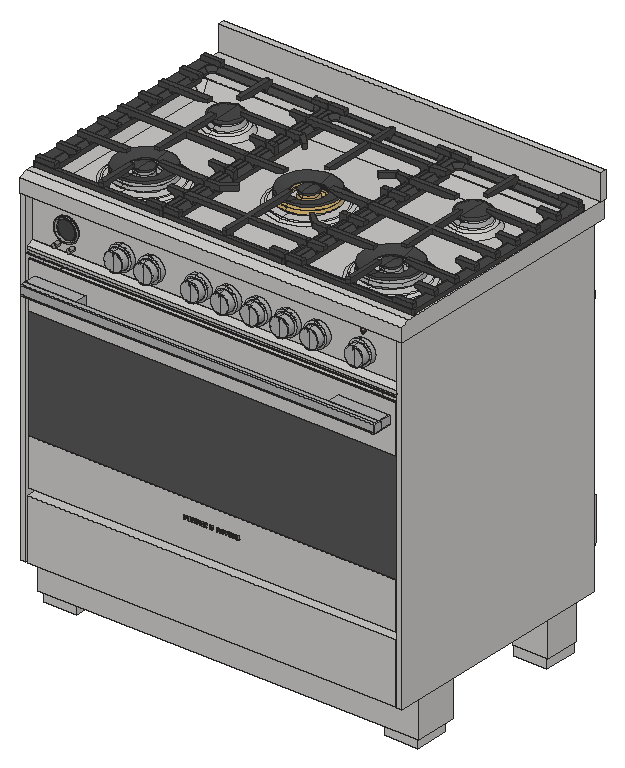
Revit family "FP_Revit_18_OR90SDG6X1_Range_90001043A", category Specialty Equipment, Revit 2018
Family settings
  Round Connector Dimension = Use Diameter
  Part Type = Normal
  OmniClass Number = 23.40.40.14.17.17
  OmniClass Title = Ranges
  Work Plane-Based = No
  Always vertical = Yes
  Cut with Voids When Loaded = Yes
  Shared = No
  Room Calculation Point = No
Parameters
  Visibility - Toe Kick Panel (Optional) = yes
  Visibility - Rear Trim (Supplied) = yes
  Visibility - Clearance Required = yes
  Visibility - Adjustable Feet Covers = yes
  URL = "www.fisherpaykel.com"
  Product - Width = 897 mm  # constant formula
  Product - Height = 915 mm  # constant formula
  Product - Depth = 641.2 mm  # constant formula
  Optional - Toe Kick Panel = "KICKOR90X1"
  Model = "OR90SDG6X1"
  Material - Trim = Fisher & Paykel - Steel, Chrome Plated
  Material - Handle = Fisher & Paykel - Aluminium
  Material - Door Front = Fisher & Paykel - Stainless Steel
  Material - Buttons and Dials = Fisher & Paykel - Aluminium
  Material - Burners & Trivets = Fisher & Paykel - Black, Matte
  Material - Body = Fisher & Paykel - Stainless Steel
  Manufacturer = "Fisher & Paykel Appliances"
  Keynote = ""
  Description = "90cm Contemporary Freestanding Dual Fuel Range (Stainless)"
  Countertop Height (min 908mm - max 933mm) = 915 mm
  Connector Description - Gas = "NG 1kPa, ULPG 2.75 kPa, Gas Connection to be Rp ½” (ISO 7-1) male"
  Connector Description - Electrical = "220-240 V, 50 Hz, 23 A"
  Clearance - Side Non-Combustible = 0 mm  # constant formula
  Clearance - Side Combustible = 200 mm  # constant formula
  Clearance - Rear Non-Combustible = 0 mm  # constant formula
  Clearance - Rear Combustible = 0 mm  # constant formula
  Clearance - Overhead Rangehood = 650 mm  # constant formula
  Clearance - Overhead Non-Combustible = 450 mm  # constant formula
  Clearance - Overhead Combustible = 650 mm  # constant formula
  Chassis - Width = 897 mm  # constant formula
  Chassis - Height = 813.6 mm  # constant formula
  Chassis - Depth = 593.5 mm  # constant formula
  Cavity - Width = 900 mm  # constant formula
  Cavity - Height = 915 mm  # constant formula
  Cavity - Depth = 600 mm  # constant formula
Reference planes
  plane 1 "Datum": y = 0
  plane 2: z = 0
  plane 3 "Center (Left/Right)": x = 0
  plane 4 "Product Height": z = 923
  plane 5 "Product LHS": x = -448.5
  plane 6 "Product RHS": x = 448.5
  plane 7 "Cavity LHS": x = -450
  plane 8 "Cavity RHS": x = 450
  plane 9 "Product Depth": y = 600
  plane 10 "Cavity Depth": y = 600
  plane 11 "Dials": z = 820.4
  plane 12 "Countertop Height": z = 915
  plane 13 "Top of Burners": z = 957
Forms (mm)
  Extrusion 1, solid, material "Fisher & Paykel - Stainless Steel" <- "Material - Body"
    sketch origin (0, 0, 0) x (0, 1, 0) y (0, 0, 1)
      loop
        line (50.7, 883) -> (50.7, 109.4) -> (565, 109.4) -> (565, 883) -> (50.7, 883)
    from -435.7 to 435.7
  Extrusion 2, solid, material "Fisher & Paykel - Stainless Steel" <- "Material - Body"
    sketch origin (0, 0, 0) x (0, 1, 0) y (0, 0, 1)
      loop
        line (19, 883) -> (19, 782.4) -> (50.7, 782.4) -> (50.7, 883) -> (19, 883)
    from -435.7 to 435.7
  Extrusion 3, solid, material "Fisher & Paykel - Stainless Steel" <- "Material - Body"
    sketch origin (0, 0, 0) x (0, 1, 0) y (0, 0, 1)
      loop
        line (31.59, 250.4) -> (1.5, 250.4) -> (1.5, 109.4) -> (31.59, 109.4) -> (31.59, 250.4)
    from -432 to 432
  Extrusion 4, solid, material "Fisher & Paykel - Clearance Required", visible <- "Visibility - Clearance Required", detail levels coarse
    sketch origin (0, 0, 0) x (0, 1, 0) y (0, 0, 1)
      loop
        line (0, 266.1) -> (0, 747.098)
        arc (0, 747.098) -> (-340.117, 606.217) -> (-480.998, 266.1) r 480.998
        line (-480.998, 266.1) -> (0, 266.1)
    from -435.7 to 435.7
  Extrusion 5, solid, material "Fisher & Paykel - Clearance Required", visible <- "Visibility - Clearance Required", detail levels coarse
    sketch origin (0, 0, 0) x (0, 1, 0) y (0, 0, 1)
      loop
        line (600, 0) -> (600, 923) -> (0, 923) -> (0, 0) -> (600, 0)
    from -450 to 450
  Extrusion 6, solid, material "Fisher & Paykel - Clearance Required (Combustible)", visible <- "Visibility - Clearance Required", detail levels coarse
    sketch origin (0, 0, 0) x (1, 0, 0) y (0, 1, 0)
      loop
        line (-450, 0) -> (-450, 600) -> (-650, 600) -> (-650, 0) -> (-450, 0)
      loop
        line (450, 0) -> (650, 0) -> (650, 600) -> (450, 600) -> (450, 0)
    from 923 to 1407
  Extrusion 7, solid, material "Fisher & Paykel - Clearance Required (Combustible)", visible <- "Visibility - Clearance Required", detail levels coarse
    sketch origin (0, 0, 0) x (1, 0, 0) y (0, 1, 0)
      loop
        line (-450, 0) -> (450, 0) -> (450, 600) -> (-450, 600) -> (-450, 0)
    from 1607 to 1407
  Extrusion 8, solid, material "Fisher & Paykel - Clearance Required (Non-Combustible)", visible <- "Visibility - Clearance Required", detail levels coarse
    sketch origin (0, 0, 0) x (1, 0, 0) y (0, 1, 0)
      loop
        line (450, 600) -> (-450, 600) -> (-450, 0) -> (450, 0) -> (450, 600)
    from 923 to 1407
  Extrusion 9, solid, material "Fisher & Paykel - Stainless Steel" <- "Material - Body"
    sketch origin (0, 0, 0) x (0, 1, 0) y (0, 0, 1)
      loop
        line (0, 883) -> (0, 109.4) -> (565, 109.4) -> (565, 883) -> (0, 883)
    from 435.7 to 447.5
  Extrusion 10, solid, material "Fisher & Paykel - Stainless Steel" <- "Material - Body"
    sketch origin (0, 0, 0) x (0, 1, 0) y (0, 0, 1)
      loop
        line (0, 883) -> (0, 109.4) -> (565, 109.4) -> (565, 883) -> (0, 883)
    from -447.504 to -435.7
  Extrusion 11, solid, material "Fisher & Paykel - Stainless Steel" <- "Material - Body"
    sketch origin (0, 0, 0) x (0, 1, 0) y (0, 0, 1)
      loop
        line (50.7, 782.4) -> (19, 782.4) -> (2, 774.4) -> (2, 767.4) -> (50.7, 767.4) -> (50.7, 782.4)
    from -435.7 to 435.7
  Extrusion 12, solid, material "Fisher & Paykel - Steel, Chrome Plated" <- "Material - Trim", detail levels fine
    sketch origin (0, 0, 0) x (0, 1, 0) y (0, 0, 1)
      loop
        line (1.349, 762.4) -> (1.349, 760.4) -> (50.7, 760.4) -> (50.7, 762.4) -> (1.349, 762.4)
    from -435.7 to 435.7
  Extrusion 13, solid, material "Fisher & Paykel - Stainless Steel" <- "Material - Body"
    sketch origin (0, 0, 0) x (0, 1, 0) y (0, 0, 1)
      loop
        line (-1.5, 914.915) -> (-1.5, 883) -> (593.5, 883) -> (593.5, 923) -> (18.511, 923) -> (-1.5, 914.915)
    from -448.5 to 448.5
  Extrusion 14, solid, material "Fisher & Paykel - Stainless Steel" <- "Material - Body", visible <- "Visibility - Adjustable Feet Covers"
    sketch origin (0, 0, 0) x (1, 0, 0) y (0, 1, 0)
      loop
        line (-360.4, 137.7) -> (-442.5, 137.7) -> (-442.5, 55.7) -> (-360.4, 55.7) -> (-360.4, 137.7)
      loop
        line (-360.4, 516.7) -> (-442.482, 516.7) -> (-442.482, 434.7) -> (-360.4, 434.7) -> (-360.4, 516.7)
      loop
        line (360.4, 137.7) -> (360.4, 55.7) -> (442.5, 55.7) -> (442.5, 137.7) -> (360.4, 137.7)
      loop
        line (360.4, 516.7) -> (360.4, 434.7) -> (442.482, 434.7) -> (442.482, 516.7) -> (360.4, 516.7)
    from 23.7 to 109.4
  Extrusion 15, solid, material "Fisher & Paykel - Stainless Steel" <- "Material - Body", visible <- "Visibility - Adjustable Feet Covers"
    sketch origin (0, 0, 0) x (1, 0, 0) y (0, 1, 0)
      loop
        line (-362.4, 514.7) -> (-440.5, 514.7) -> (-440.5, 436.7) -> (-362.4, 436.7) -> (-362.4, 514.7)
      loop
        line (-362.4, 135.7) -> (-440.5, 135.7) -> (-440.5, 57.7) -> (-362.4, 57.7) -> (-362.4, 135.7)
      loop
        line (362.4, 514.7) -> (362.4, 436.7) -> (440.5, 436.7) -> (440.5, 514.7) -> (362.4, 514.7)
      loop
        line (362.4, 135.7) -> (362.4, 57.7) -> (440.5, 57.7) -> (440.5, 135.7) -> (362.4, 135.7)
    from 0 to 23.7
  Extrusion 16, solid, material "Fisher & Paykel - Stainless Steel" <- "Material - Body", visible <- "Visibility - Toe Kick Panel (Optional)"
    sketch origin (0, 0, 0) x (1, 0, 0) y (0, 1, 0)
      loop
        line (-442.5, 151.534) -> (-447.504, 151.534) -> (-447.504, 50.7) -> (447.35, 50.7) -> (447.35, 151.534) -> (442.5, 151.534) -> (442.5, 55.7) -> (-442.5, 55.7) -> (-442.5, 151.534)
    from 23.7 to 109.4
  Extrusion 17, solid, material "Fisher & Paykel - Stainless Steel" <- "Material - Door Front"
    sketch origin (0, 0, 0) x (0, 1, 0) y (0, 0, 1)
      loop
        line (7.845, 745.371) -> (7.845, 273.1) -> (43.8, 273.1) -> (43.8, 741.592) -> (7.845, 745.371)
    from -365 to 365
  Extrusion 18, void
    sketch origin (0, 0, 0) x (1, 0, 0) y (0, 1, 0)
      loop
        arc (-402.8, 492.791) -> (-416.942, 486.933) -> (-422.8, 472.791) r 20
        line (-422.8, 472.791) -> (-422.8, 66.2)
        arc (-422.8, 66.2) -> (-415.478, 48.522) -> (-397.8, 41.2) r 25
        line (-397.8, 41.2) -> (397.8, 41.2)
        arc (397.8, 41.2) -> (415.478, 48.522) -> (422.8, 66.2) r 25
        line (422.8, 66.2) -> (422.8, 466.59)
        arc (422.8, 466.59) -> (415.126, 485.117) -> (396.6, 492.791) r 26.2
        line (396.6, 492.791) -> (-402.8, 492.791)
    from 883 to 923
  Extrusion 19, solid, material "Fisher & Paykel - Stainless Steel" <- "Material - Body", not visible
    sketch origin (0, 0, 0) x (0, 1, 0) y (0, 0, 1)
      loop
        line (584, 983) -> (584, 923) -> (598.5, 923) -> (598.5, 983) -> (584, 983)
    from -448.5 to 448.5
  Revolve 20, solid, material "Fisher & Paykel - Stainless Steel" <- "Material - Body", detail levels fine
    sketch origin (-290.104, 3.75, 0) x (0, 1, 0) y (0, 0, 1)
      loop
        line (163, 893) -> (163, 897) -> (84.905, 897)
        arc (84.905, 897) -> (83.174, 896.81) -> (81.524, 896.25) r 8
        line (81.524, 896.25) -> (74.554, 893) -> (163, 893)
      axis (163, 893) -> (163, 897)
    angle from 0 to 360
  Revolve 21, solid, material "Fisher & Paykel - Stainless Steel" <- "Material - Body", detail levels fine
    sketch origin (-290.104, -6.25, 0) x (0, 1, 0) y (0, 0, 1)
      loop
        line (414.1, 907.049) -> (372.389, 907.049)
        arc (372.389, 907.049) -> (368.674, 906.135) -> (365.808, 903.599) r 8
        line (365.808, 903.599) -> (358.481, 893) -> (414.1, 893) -> (414.1, 907.049)
      axis (414.1, 893) -> (414.1, 907.049)
    angle from 0 to 360
  Extrusion 22, void
    sketch origin (0, 0, 0) x (1, 0, 0) y (0, 0, 1)
      loop
        line (351.8, 237) -> (-428.7, 237) -> (-428.7, 109.4) -> (428.7, 109.4) -> (428.7, 883) -> (351.8, 883) -> (351.8, 237)
    from -609.888 to -519.5
  Extrusion 23, solid, material "Fisher & Paykel - Stainless Steel" <- "Material - Body", detail levels medium+fine
    sketch origin (0, 0, 0) x (1, 0, 0) y (0, 1, 0)
      loop
        circle (-370, 550.5) r 6
    from 137 to 237
  Extrusion 24, solid, material "Fisher & Paykel - Stainless Steel" <- "Material - Body"
    sketch origin (0, 0, 0) x (1, 0, 0) y (0, 0, 1)
      loop
        circle (-420.064, 912.06) r 4.009
      loop
        circle (-420.064, 912.06) r 7.491
      loop
        circle (420.064, 912.06) r 4.009
      loop
        circle (420.064, 912.06) r 7.491
    from -593.5 to -598.5
  Extrusion 25, solid, material "Fisher & Paykel - Stainless Steel" <- "Material - Body"
    sketch origin (0, 0, 0) x (1, 0, 0) y (0, 0, 1)
      loop
        line (-308.2, 367) -> (-428.7, 367) -> (-428.7, 237) -> (-308.2, 237) -> (-308.2, 367)
    from -587.5 to -565
  Extrusion 26, solid, material "Fisher & Paykel - Stainless Steel" <- "Material - Body"
    sketch origin (0, 0, 1000) x (1, 0, 0) y (0, 0, 1)
      loop
        line (227.779, -394.6) -> (-310.779, -394.6)
        arc (-310.779, -394.6) -> (-380.07, -440.899) -> (-363.812, -522.633) r 75
        line (-363.812, -522.633) -> (-237.954, -648.491)
        arc (-237.954, -648.491) -> (-220.111, -660.413) -> (-199.064, -664.6) r 55
        line (-199.064, -664.6) -> (116.064, -664.6)
        arc (116.064, -664.6) -> (137.111, -660.413) -> (154.954, -648.491) r 55
        line (154.954, -648.491) -> (280.812, -522.633)
        arc (280.812, -522.633) -> (297.07, -440.899) -> (227.779, -394.6) r 75
    from -578.5 to -565
  Revolve 27, solid, material "Fisher & Paykel - Stainless Steel" <- "Material - Body", detail levels fine
    sketch origin (290.104, 3.75, 0) x (0, 1, 0) y (0, 0, -1)
      loop
        line (163, -893) -> (74.554, -893) -> (81.524, -896.25)
        arc (81.524, -896.25) -> (83.174, -896.81) -> (84.905, -897) r 8
        line (84.905, -897) -> (163, -897) -> (163, -893)
      axis (163, -893) -> (163, -897)
    angle from 0 to 360
  Revolve 28, solid, material "Fisher & Paykel - Stainless Steel" <- "Material - Body", detail levels fine
    sketch origin (290.104, -6.25, 0) x (0, 1, 0) y (0, 0, -1)
      loop
        line (414.1, -907.049) -> (414.1, -893) -> (358.481, -893) -> (365.808, -903.599)
        arc (365.808, -903.599) -> (368.674, -906.135) -> (372.389, -907.049) r 8
        line (372.389, -907.049) -> (414.1, -907.049)
      axis (414.1, -893) -> (414.1, -907.049)
    angle from 0 to 360
  Revolve 29, solid, material "Fisher & Paykel - Stainless Steel" <- "Material - Body", detail levels fine
    sketch origin (0, 123.75, 0) x (0, 1, 0) y (0, 0, 1)
      loop
        line (163, 893) -> (163, 897) -> (84.905, 897)
        arc (84.905, 897) -> (83.174, 896.81) -> (81.524, 896.25) r 8
        line (81.524, 896.25) -> (74.554, 893) -> (163, 893)
      axis (163, 893) -> (163, 897)
    angle from 0 to 360
  Extrusion 30, solid, material "Fisher & Paykel - Stainless Steel" <- "Material - Body", detail levels medium+fine
    sketch origin (0, 0, 0) x (1, 0, 0) y (0, 0, 1)
      loop
        arc (159.044, 220.6) -> (155.509, 219.136) -> (154.044, 215.6) r 5
        line (154.044, 215.6) -> (154.044, 165.6)
        arc (154.044, 165.6) -> (155.509, 162.064) -> (159.044, 160.6) r 5
        line (159.044, 160.6) -> (208.84, 160.6)
        arc (208.84, 160.6) -> (212.375, 162.064) -> (213.84, 165.6) r 5
        line (213.84, 165.6) -> (213.84, 215.6)
        arc (213.84, 215.6) -> (212.375, 219.136) -> (208.84, 220.6) r 5
        line (208.84, 220.6) -> (159.044, 220.6)
    from -556.873 to -549.515
  Revolve 31, solid, material "Fisher & Paykel - Stainless Steel" <- "Material - Body", detail levels medium+fine
    sketch origin (0, 569.5, 0) x (1, 0, 0) y (0, 0, 1)
      loop
        line (145.68, 191.077) -> (245, 191.077) -> (245, 204.6) -> (232, 204.6) -> (232, 201.081) -> (222, 201.081) -> (222, 208.65) -> (210, 208.65) -> (210, 201.85) -> (157.68, 201.85) -> (157.68, 208.65) -> (145.68, 208.65) -> (145.68, 191.077)
      axis (145.68, 191.077) -> (245, 191.077)
    angle from 0 to 360
  Extrusion 32, solid, material "Fisher & Paykel - Stainless Steel" <- "Material - Body", detail levels medium+fine
    sketch origin (0, 0, 1000) x (1, 0, 0) y (0, 0, 1)
      loop
        circle (183.596, -809.4) r 26.954
    from -565.952 to -556.873
  Extrusion 33, solid, material "Fisher & Paykel - Stainless Steel" <- "Material - Body"
    sketch origin (0, 0, 0) x (1, 0, 0) y (0, 0, 1)
      loop
        circle (395, 716.093) r 34.119
    from -590 to -570.221
  Extrusion 34, solid, material "Fisher & Paykel - Stainless Steel" <- "Material - Body"
    sketch origin (0, 0, 0) x (1, 0, 0) y (0, 0, 1)
      loop
        circle (395, 716.093) r 10
    from -598 to -590
  Revolve 35, solid, material "Fisher & Paykel - Stainless Steel" <- "Material - Body", detail levels medium+fine
    sketch origin (0, 569.346, 0) x (1, 0, 0) y (0, 0, 1)
      loop
        line (395, 758.6) -> (395, 673.6) -> (413.153, 673.6) -> (413.153, 693.6) -> (406.654, 693.6) -> (406.654, 738.6) -> (413.153, 738.6) -> (413.153, 758.6) -> (395, 758.6)
      axis (395, 758.6) -> (395, 673.6)
    angle from 0 to 360
  Sweep 36, solid, material "Fisher & Paykel - Stainless Steel" <- "Material - Body"
    path origin (395, 0, 0) x (0, 1, 0) y (0, 0, 1)
      loop
        line (569.499, 218.575) -> (569.499, 839.583)
        arc (569.499, 839.583) -> (562.465, 856.566) -> (545.482, 863.6) r 24.017
        line (545.482, 863.6) -> (519.5, 863.6)
    profile origin (395, 532.491, 863.6) x (0, 0, -1) y (1, 0, 0)
      loop
        circle (0, 0) r 8
  Sweep 37, solid, material "Fisher & Paykel - Stainless Steel" <- "Material - Body", detail levels medium+fine
    path origin (0, 569.5, 0) x (1, 0, 0) y (0, 0, 1)
      loop
        line (245, 191.077) -> (367.503, 191.077)
        arc (367.503, 191.077) -> (386.946, 199.131) -> (395, 218.575) r 27.497
    profile origin (306.252, 569.5, 191.077) x (0, 0, 1) y (0, -1, 0)
      loop
        circle (0, 0) r 8
  Sweep 38, solid, material "Fisher & Paykel - Stainless Steel" <- "Material - Body", detail levels medium+fine
    path in 3D
      loop
        arc (396.6, 492.791, 923) -> (415.126, 485.117, 923) -> (422.8, 466.59, 923) r 26.2
        line (422.8, 466.59, 923) -> (422.8, 66.2, 923)
        arc (422.8, 66.2, 923) -> (415.478, 48.522, 923) -> (397.8, 41.2, 923) r 25
        line (397.8, 41.2, 923) -> (-397.8, 41.2, 923)
        arc (-397.8, 41.2, 923) -> (-415.478, 48.522, 923) -> (-422.8, 66.2, 923) r 25
        line (-422.8, 66.2, 923) -> (-422.8, 472.791, 923)
        arc (-422.8, 472.791, 923) -> (-416.942, 486.933, 923) -> (-402.8, 492.791, 923) r 20
        line (-402.8, 492.791, 923) -> (396.6, 492.791, 923)
    profile origin (-3.1, 492.791, 923) x (0, 1, 0) y (0, 0, 1)
      loop
        line (0, 0) -> (-17.321, -30) -> (0, -30) -> (0, 0)
  Extrusion 39, solid, material "Fisher & Paykel - Stainless Steel" <- "Material - Body"
    sketch origin (0, 0, 0) x (1, 0, 0) y (0, 1, 0)
      loop
        circle (-401.482, 475.7) r 25
      loop
        circle (-401.5, 96.7) r 25
      loop
        circle (401.482, 475.7) r 25
      loop
        circle (401.5, 96.7) r 25
    from 0 to 109.4
  Revolve 40, void
    sketch origin (342.986, 0, 0) x (0, 1, 0) y (0, 0, 1)
      loop
        line (20.94, 867.737) -> (19, 869.677) -> (19, 862.456) -> (25.94, 862.456) -> (25.94, 867.737) -> (20.94, 867.737)
      axis (25.94, 862.456) -> (19, 862.456)
    angle from 0 to 360
  Extrusion 41, solid, material "Fisher & Paykel - Bezel Red", detail levels medium+fine
    sketch origin (0, 0, 0) x (1, 0, 0) y (0, 0, 1)
      loop
        circle (342.986, 862.456) r 5.281
    from -25.94 to -20.94
  Extrusion 42, solid, material "Fisher & Paykel - Stainless Steel" <- "Material - Door Front"
    sketch origin (0, 0, 0) x (0, 1, 0) y (0, 0, 1)
      loop
        line (2.8, 265.5) -> (3.8, 265.5) -> (3.8, 376.471) -> (2.8, 376.471) -> (2.8, 265.5)
      loop
        line (2.8, 637.7) -> (3.8, 637.7) -> (3.8, 747.7) -> (2.8, 747.7) -> (2.8, 637.7)
    from -432 to 432
  Extrusion 43, solid, material "Fisher & Paykel - Stainless Steel" <- "Material - Body", visible <- "Visibility - Rear Trim (Supplied)"
    sketch origin (0, 0, 0) x (0, 1, 0) y (0, 0, 1)
      loop
        line (584, 983) -> (584, 923) -> (598.5, 923) -> (598.5, 983) -> (584, 983)
    from -448.5 to 448.5
  Extrusion 44, solid, material "Fisher & Paykel - Glass, Black"
    sketch origin (0, 0, 0) x (0, 1, 0) y (0, 0, 1)
      loop
        line (3.8, 747.7) -> (3.8, 265.5) -> (7.845, 265.5) -> (7.845, 747.7) -> (3.8, 747.7)
    from -432 to 432
  Extrusion 45, void
    sketch origin (0, 0, 0) x (0, 1, 0) y (0, 0, 1)
      loop
        line (600, 0) -> (600, 923) -> (-40, 923) -> (-40, 0) -> (600, 0)
    from -450 to 450
  Revolve 46, solid, material "Fisher & Paykel - Stainless Steel" <- "Material - Body", not visible, detail levels fine
    sketch origin (-290.104, 2003.75, 0) x (0, 1, 0) y (0, 0, 1)
      loop
        line (163, 893) -> (163, 897) -> (84.905, 897)
        arc (84.905, 897) -> (83.174, 896.81) -> (81.524, 896.25) r 8
        line (81.524, 896.25) -> (74.554, 893) -> (163, 893)
      axis (163, 893) -> (163, 897)
    angle from 0 to 360
  Revolve 47, solid, material "Fisher & Paykel - Stainless Steel" <- "Material - Body", not visible, detail levels fine
    sketch origin (-290.104, 1993.75, 0) x (0, 1, 0) y (0, 0, 1)
      loop
        line (414.1, 907.049) -> (372.389, 907.049)
        arc (372.389, 907.049) -> (368.674, 906.135) -> (365.808, 903.599) r 8
        line (365.808, 903.599) -> (358.481, 893) -> (414.1, 893) -> (414.1, 907.049)
      axis (414.1, 893) -> (414.1, 907.049)
    angle from 0 to 360
  Revolve 48, solid, material "Fisher & Paykel - Stainless Steel" <- "Material - Body", not visible, detail levels fine
    sketch origin (290.104, 2003.75, 0) x (0, 1, 0) y (0, 0, -1)
      loop
        line (163, -893) -> (74.554, -893) -> (81.524, -896.25)
        arc (81.524, -896.25) -> (83.174, -896.81) -> (84.905, -897) r 8
        line (84.905, -897) -> (163, -897) -> (163, -893)
      axis (163, -893) -> (163, -897)
    angle from 0 to 360
  Revolve 49, solid, material "Fisher & Paykel - Stainless Steel" <- "Material - Body", not visible, detail levels fine
    sketch origin (290.104, 1993.75, 0) x (0, 1, 0) y (0, 0, -1)
      loop
        line (414.1, -907.049) -> (414.1, -893) -> (358.481, -893) -> (365.808, -903.599)
        arc (365.808, -903.599) -> (368.674, -906.135) -> (372.389, -907.049) r 8
        line (372.389, -907.049) -> (414.1, -907.049)
      axis (414.1, -893) -> (414.1, -907.049)
    angle from 0 to 360
  Revolve 50, solid, material "Fisher & Paykel - Stainless Steel" <- "Material - Body", not visible, detail levels fine
    sketch origin (0, 2123.75, 0) x (0, 1, 0) y (0, 0, 1)
      loop
        line (163, 893) -> (163, 897) -> (84.905, 897)
        arc (84.905, 897) -> (83.174, 896.81) -> (81.524, 896.25) r 8
        line (81.524, 896.25) -> (74.554, 893) -> (163, 893)
      axis (163, 893) -> (163, 897)
    angle from 0 to 360
Cuts and joins
  Extrusion 18, Extrusion 22 cuts Extrusion 1
  Extrusion 18, Revolve 40 cuts Extrusion 5
  Extrusion 18 cuts Extrusion 14
  Extrusion 18 cuts Extrusion 15
  Extrusion 18 cuts Extrusion 16
  Extrusion 18 cuts Extrusion 13
  Revolve 40 cuts Extrusion 2
Lines and regions (mm)
  sketch lines
    curve 1: line (-402.8, 492.791, 923) -> (396.6, 492.791, 923)
    curve 2: arc (-402.8, 492.791, 923) -> (-416.942, 486.933, 923) -> (-422.8, 472.791, 923) r 20
    curve 3: line (-422.8, 66.2, 923) -> (-422.8, 472.791, 923)
    curve 4: arc (-422.8, 66.2, 923) -> (-415.478, 48.522, 923) -> (-397.8, 41.2, 923) r 25
    curve 5: line (397.8, 41.2, 923) -> (-397.8, 41.2, 923)
    curve 6: arc (397.8, 41.2, 923) -> (415.478, 48.522, 923) -> (422.8, 66.2, 923) r 25
    curve 7: line (422.8, 466.59, 923) -> (422.8, 66.2, 923)
    curve 8: arc (422.8, 466.59, 923) -> (415.126, 485.117, 923) -> (396.6, 492.791, 923) r 26.2
Text (mm)
  text "Due to ongoing product development, product details are subject to change without notice. \nPlease always refer to www.fisherpaykel.com for the most current product information. \n© Fisher & Paykel 2020" at (41.04, -544.815, 0), in view "Ref. Level (Plan)"
Dimensions and locks
  equal spacing: plane 5 "Product LHS", plane 3 "Center (Left/Right)", plane 6 "Product RHS"
  "Product - Width": plane 5 "Product LHS" to plane 6 "Product RHS"
  equal spacing: plane 7 "Cavity LHS", plane 3 "Center (Left/Right)", plane 8 "Cavity RHS"
  "Cavity - Width": plane 7 "Cavity LHS" to plane 8 "Cavity RHS"
  locked: plane 4 "Product Height" to nested 1 at 592.51
  "Clearance - Side Combustible": Extrusion 6 sketch curve to Extrusion 5
  "Clearance - Side Combustible": Extrusion 5 to Extrusion 6 sketch curve
  Extrusion 6 to plane 4 "Product Height" = 484 mm
  Extrusion 7 to plane 4 "Product Height" = 484 mm
  Extrusion 8 to plane 4 "Product Height" = 484 mm
  "Clearance - Side Combustible": Extrusion 8 to Extrusion 6
  "Clearance - Side Combustible": Extrusion 6 to Extrusion 8
  locked: plane 4 "Product Height" to Extrusion 9 at 40
  plane 5 "Product LHS" to Extrusion 14 sketch curve = 88.1 mm
  locked: plane 4 "Product Height" to Extrusion 9 at 813.6  (x2)
  equal spacing: cut or joined group of Extrusion 13, Extrusion 18, plane 3 "Center (Left/Right)", cut or joined group of Extrusion 13, Extrusion 18
  locked: Extrusion 6 to plane 11 "Dials" at 102.6
  Extrusion 6 to nested 2 = 18.8 mm
  locked: nested 11 to plane 11 "Dials" at 10.019
  plane 4 "Product Height" to Extrusion 12 = 160.6 mm
  locked: plane 4 "Product Height" to plane 11 "Dials" at 102.6
  locked: Extrusion 17 to plane 4 "Product Height" at 649.9
  cut or joined group of Extrusion 1, Extrusion 18, Extrusion 22 to plane 11 "Dials" = 711 mm
  cut or joined group of Extrusion 1, Extrusion 18, Extrusion 22 to cut or joined group of Extrusion 1, Extrusion 18, Extrusion 22 = 127.6 mm
  locked: plane 4 "Product Height" to nested 2 at 22.879
  locked: plane 4 "Product Height" to nested 3 at 13
  locked: cut or joined group of Extrusion 16, Extrusion 18 to Extrusion 9 at 85.7
  locked: cut or joined group of Extrusion 14, Extrusion 18 to Extrusion 9 at 85.7
  locked: cut or joined group of Extrusion 1, Extrusion 18, Extrusion 22 to Extrusion 9 at 127.6
  locked: Revolve 35 to plane 4 "Product Height" at 249.4
  locked: plane 4 "Product Height" to Sweep 38 at 30  (x2)
  locked: plane 4 "Product Height" to Extrusion 11 at 155.6
  Extrusion 3 sketch curve to Extrusion 3 sketch curve = 141 mm
  locked: Extrusion 25 to plane 4 "Product Height" at 556
  locked: Extrusion 23 to cut or joined group of Extrusion 1, Extrusion 18, Extrusion 22 at 100
  locked: Sweep 36 sketch curve to Extrusion 6 at 704.425
  locked: cut or joined group of Extrusion 14, Extrusion 18 to Extrusion 10 at 85.7
  locked: Extrusion 26 sketch curve to plane 4 "Product Height" at 317.6
  locked: cut or joined group of Extrusion 1, Extrusion 18, Extrusion 22 to plane 4 "Product Height" at 686
  locked: Revolve 31 sketch curve to plane 4 "Product Height" at 731.923
  locked: Extrusion 30 sketch curve to Extrusion 30 sketch curve at 60
  locked: Extrusion 30 sketch curve to plane 4 "Product Height" at 762.4
  locked: Extrusion 32 sketch curve to plane 4 "Product Height" at 732.4
  locked: Extrusion 6 to cut or joined group of Extrusion 14, Extrusion 18 at 813.6
  locked: Extrusion 23 to Extrusion 9 at 127.6
  locked: plane 4 "Product Height" to Extrusion 4 at 656.9
  locked: plane 12 "Countertop Height" to plane 4 "Product Height" at 8
  locked: Sweep 38 to plane 4 "Product Height" at 30
  "Countertop Height (min 908mm - max 933mm)": level to plane 12 "Countertop Height"
  locked: plane 4 "Product Height" to cut or joined group of Extrusion 5, Extrusion 18, Revolve 40 at 40
  locked: Extrusion 30 to plane 4 "Product Height" at 702.4
  locked: Sweep 37 sketch curve to Sweep 36 at 27.497
  locked: Extrusion 3 to plane 4 "Product Height" at 813.6
  locked: plane 4 "Product Height" to Extrusion 3 at 672.6
  locked: plane 4 "Product Height" to Extrusion 42 at 546.529
  locked: Extrusion 42 to plane 4 "Product Height" at 285.3
  locked: nested 13 to plane 11 "Dials" at 27.732
  locked: nested 10 to plane 11 "Dials" at 27.732
  locked: nested 9 to plane 11 "Dials" at 27.732
  locked: nested 8 to plane 11 "Dials" at 27.732
  locked: nested 7 to plane 11 "Dials" at 27.732
  locked: nested 6 to plane 11 "Dials" at 27.732
  locked: nested 5 to plane 11 "Dials" at 27.732
  locked: nested 4 to plane 11 "Dials" at 27.732
  plane 4 "Product Height" to nested 19 = 204.337 mm
  locked: plane 13 "Top of Burners" to plane 4 "Product Height" at 34
  "Clearance - Overhead Non-Combustible": Extrusion 6 to plane 13 "Top of Burners"
  "Clearance - Overhead Combustible": Extrusion 7 to plane 13 "Top of Burners"
  locked: plane 4 "Product Height" to nested 20 at 740.6
  locked: plane 4 "Product Height" to nested 19 at 204.337
  locked: plane 4 "Product Height" to Extrusion 44 at 175.3
  locked: Extrusion 44 to plane 4 "Product Height" at 657.5
  locked: nested 17 to plane 4 "Product Height" at 22.3
  "Product - Depth": nested 19 to plane 9 "Product Depth"
  "Cavity - Depth": plane 1 "Datum" to plane 10 "Cavity Depth"
  "Chassis - Depth": cut or joined group of Extrusion 13, Extrusion 18 to Extrusion 6
  aligned and locked: level to plane 2
  aligned and locked: Extrusion 5 sketch curve to plane 4 "Product Height"
  aligned and locked: Extrusion 5 to plane 8 "Cavity RHS"
  aligned and locked: Extrusion 5 to plane 7 "Cavity LHS"
  aligned and locked: Extrusion 6 sketch curve to plane 8 "Cavity RHS"
  aligned and locked: Extrusion 6 sketch curve to plane 7 "Cavity LHS"
  aligned and locked: Extrusion 5 to Extrusion 7 sketch curve
  aligned and locked: Extrusion 8 sketch curve to Extrusion 5
  aligned and locked: Extrusion 5 to Extrusion 8 sketch curve
  aligned and locked: cut or joined group of Extrusion 1, Extrusion 18, Extrusion 22 to Extrusion 2  (x2)
  aligned and locked: Extrusion 9 sketch curve to plane 1 "Datum"
  aligned and locked: Extrusion 2 to Extrusion 11
  aligned and locked: Extrusion 2 to Extrusion 12
  aligned and locked: Extrusion 11 to Extrusion 2
  aligned and locked: Extrusion 12 to Extrusion 2
  aligned and locked: Extrusion 15 to level
  aligned and locked: Extrusion 15 to Extrusion 14
  aligned and locked: Extrusion 16 sketch curve to Extrusion 14
  aligned and locked: Extrusion 16 sketch curve to Extrusion 2
  aligned and locked: plane 4 "Product Height" to Extrusion 18
  aligned and locked: Extrusion 19 to plane 6 "Product RHS"
  aligned and locked: plane 5 "Product LHS" to Extrusion 19
  aligned and locked: Extrusion 16 to cut or joined group of Extrusion 14, Extrusion 18
  aligned and locked: plane 10 "Cavity Depth" to Extrusion 7
  aligned and locked: Extrusion 6 sketch curve to plane 10 "Cavity Depth"
  aligned and locked: Extrusion 13 to plane 5 "Product LHS"
  aligned and locked: Extrusion 13 to plane 6 "Product RHS"
  aligned and locked: Extrusion 10 to cut or joined group of Extrusion 1, Extrusion 18, Extrusion 22
  aligned and locked: Extrusion 39 to cut or joined group of Extrusion 1, Extrusion 18, Extrusion 22
  aligned and locked: Extrusion 8 to plane 4 "Product Height"
  aligned and locked: Extrusion 7 to Extrusion 8
  aligned and locked: Sweep 37 sketch curve to Sweep 36
  aligned and locked: Extrusion 16 to cut or joined group of Extrusion 1, Extrusion 18, Extrusion 22
  aligned and locked: Extrusion 43 to plane 6 "Product RHS"
  aligned and locked: Extrusion 1 to Extrusion 22
Automatic sketch dimensions
  Revolve 20 sketch curve to Revolve 20 sketch curve = 6.971 mm
  Revolve 20 sketch curve to Revolve 20 sketch curve = 3.381 mm
  Revolve 20 sketch curve to Revolve 20 sketch curve = 78.095 mm
  Revolve 20 sketch curve to Revolve 20 sketch curve = 7.25 mm
  Revolve 20 sketch curve to Revolve 20 sketch curve = 0 mm  (x2)
  Revolve 21 sketch curve to Revolve 21 sketch curve = 7.328 mm
  Revolve 21 sketch curve to Revolve 21 sketch curve = 6.58 mm
  Revolve 21 sketch curve to Revolve 21 sketch curve = 41.711 mm
  Revolve 21 sketch curve to Revolve 21 sketch curve = 0 mm
  Revolve 21 sketch curve to Revolve 21 sketch curve = 3.451 mm
  Revolve 27 sketch curve to Revolve 27 sketch curve = 6.971 mm
  Revolve 27 sketch curve to Revolve 27 sketch curve = 3.381 mm
  Revolve 27 sketch curve to Revolve 27 sketch curve = 78.095 mm
  Revolve 27 sketch curve to Revolve 27 sketch curve = 4 mm
  Revolve 27 sketch curve to Revolve 27 sketch curve = 0 mm  (x2)
  Revolve 28 sketch curve to Revolve 28 sketch curve = 7.328 mm
  Revolve 28 sketch curve to Revolve 28 sketch curve = 6.58 mm
  Revolve 28 sketch curve to Revolve 28 sketch curve = 41.711 mm
  Revolve 28 sketch curve to Revolve 28 sketch curve = 0 mm
  Revolve 28 sketch curve to Revolve 28 sketch curve = 3.451 mm  (x2)
  Revolve 29 sketch curve to Revolve 29 sketch curve = 6.971 mm
  Revolve 29 sketch curve to Revolve 29 sketch curve = 3.381 mm
  Revolve 29 sketch curve to Revolve 29 sketch curve = 78.095 mm
  Revolve 29 sketch curve to Revolve 29 sketch curve = 7.25 mm
  Revolve 29 sketch curve to Revolve 29 sketch curve = 0 mm  (x2)
  Revolve 20 sketch curve to Revolve 20 sketch curve = 3.25 mm
  Revolve 20 sketch curve to Revolve 20 sketch curve = 11 mm
  Revolve 21 sketch curve to Revolve 21 sketch curve = 6.05 mm
  Revolve 21 sketch curve to Revolve 21 sketch curve = 4.549 mm
  Revolve 21 sketch curve to Revolve 21 sketch curve = 26.143 mm
  Revolve 27 sketch curve to Revolve 27 sketch curve = 0.75 mm
  Revolve 27 sketch curve to Revolve 27 sketch curve = 11 mm
  Revolve 28 sketch curve to Revolve 28 sketch curve = 14.05 mm
  Revolve 28 sketch curve to Revolve 28 sketch curve = 26.143 mm
  Revolve 29 sketch curve to Revolve 29 sketch curve = 3.25 mm
  Revolve 29 sketch curve to Revolve 29 sketch curve = 11 mm
  Extrusion 1 sketch curve to plane 1 "Datum" = 50.7 mm
  plane 9 "Product Depth" to Extrusion 1 sketch curve = 35 mm
  level to Extrusion 1 sketch curve = 109.4 mm
  plane 12 "Countertop Height" to Extrusion 1 sketch curve = 32 mm
  Extrusion 2 sketch curve to plane 1 "Datum" = 19 mm
  Extrusion 2 sketch curve to Extrusion 2 sketch curve = 31.7 mm
  plane 11 "Dials" to Extrusion 2 sketch curve = 38 mm
  plane 12 "Countertop Height" to Extrusion 2 sketch curve = 32 mm
  Extrusion 3 sketch curve to plane 1 "Datum" = 1.5 mm
  Extrusion 3 sketch curve to Extrusion 3 sketch curve = 30.09 mm
  level to Extrusion 3 sketch curve = 109.4 mm
  Extrusion 4 sketch curve to plane 1 "Datum" = 0 mm
  Extrusion 4 sketch curve to Extrusion 4 sketch curve = 480.998 mm
  level to Extrusion 4 sketch curve = 266.1 mm
  Extrusion 5 sketch curve to level = 0 mm
  Extrusion 5 sketch curve to plane 1 "Datum" = 0 mm
  Extrusion 5 sketch curve to plane 9 "Product Depth" = 0 mm
  Extrusion 7 sketch curve to plane 8 "Cavity RHS" = 0 mm
  plane 1 "Datum" to Extrusion 7 sketch curve = 0 mm
  plane 9 "Product Depth" to Extrusion 7 sketch curve = 0 mm
  Extrusion 8 sketch curve to plane 7 "Cavity LHS" = 0 mm
  plane 1 "Datum" to Extrusion 8 sketch curve = 0 mm
  plane 9 "Product Depth" to Extrusion 9 sketch curve = 35 mm
  level to Extrusion 9 sketch curve = 109.4 mm
  plane 12 "Countertop Height" to Extrusion 9 sketch curve = 32 mm
  Extrusion 10 sketch curve to plane 1 "Datum" = 0 mm
  plane 9 "Product Depth" to Extrusion 10 sketch curve = 35 mm
  level to Extrusion 10 sketch curve = 109.4 mm
  plane 12 "Countertop Height" to Extrusion 10 sketch curve = 32 mm
  Extrusion 11 sketch curve to plane 1 "Datum" = 2 mm
  Extrusion 11 sketch curve to Extrusion 11 sketch curve = 17 mm
  Extrusion 11 sketch curve to Extrusion 11 sketch curve = 31.7 mm
  plane 11 "Dials" to Extrusion 11 sketch curve = 53 mm
  Extrusion 11 sketch curve to Extrusion 11 sketch curve = 7 mm
  Extrusion 11 sketch curve to Extrusion 11 sketch curve = 15 mm
  Extrusion 12 sketch curve to plane 1 "Datum" = 1.349 mm
  Extrusion 12 sketch curve to Extrusion 12 sketch curve = 49.351 mm
  plane 11 "Dials" to Extrusion 12 sketch curve = 60 mm
  Extrusion 12 sketch curve to Extrusion 12 sketch curve = 2 mm
  Extrusion 13 sketch curve to plane 4 "Product Height" = 0 mm
  plane 1 "Datum" to Extrusion 13 sketch curve = 1.5 mm
  Extrusion 13 sketch curve to plane 1 "Datum" = 18.511 mm
  plane 9 "Product Depth" to Extrusion 13 sketch curve = 6.5 mm
  plane 12 "Countertop Height" to Extrusion 13 sketch curve = 0.085 mm
  plane 12 "Countertop Height" to Extrusion 13 sketch curve = 32 mm
  Extrusion 14 sketch curve to plane 5 "Product LHS" = 6.018 mm
  Extrusion 14 sketch curve to plane 5 "Product LHS" = 6 mm
  Extrusion 14 sketch curve to Extrusion 14 sketch curve = 82.081 mm
  plane 6 "Product RHS" to Extrusion 14 sketch curve = 88.1 mm  (x2)
  plane 6 "Product RHS" to Extrusion 14 sketch curve = 6.018 mm
  plane 6 "Product RHS" to Extrusion 14 sketch curve = 6 mm
  Extrusion 14 sketch curve to plane 1 "Datum" = 55.7 mm  (x2)
  Extrusion 14 sketch curve to Extrusion 14 sketch curve = 82 mm  (x4)
  plane 9 "Product Depth" to Extrusion 14 sketch curve = 165.3 mm  (x2)
  Extrusion 15 sketch curve to plane 5 "Product LHS" = 8 mm  (x2)
  Extrusion 15 sketch curve to Extrusion 15 sketch curve = 78.1 mm  (x2)
  plane 6 "Product RHS" to Extrusion 15 sketch curve = 86.1 mm  (x2)
  plane 6 "Product RHS" to Extrusion 15 sketch curve = 8 mm  (x2)
  Extrusion 15 sketch curve to plane 1 "Datum" = 57.7 mm  (x2)
  Extrusion 15 sketch curve to Extrusion 15 sketch curve = 78 mm  (x4)
  plane 9 "Product Depth" to Extrusion 15 sketch curve = 163.3 mm  (x2)
  Extrusion 16 sketch curve to plane 5 "Product LHS" = 0.996 mm
  Extrusion 16 sketch curve to Extrusion 16 sketch curve = 5.004 mm
  plane 6 "Product RHS" to Extrusion 16 sketch curve = 6 mm
  plane 6 "Product RHS" to Extrusion 16 sketch curve = 1.15 mm
  Extrusion 16 sketch curve to Extrusion 16 sketch curve = 95.834 mm  (x2)
  Extrusion 17 sketch curve to plane 1 "Datum" = 7.845 mm
  Extrusion 17 sketch curve to Extrusion 17 sketch curve = 35.955 mm
  level to Extrusion 17 sketch curve = 273.1 mm
  plane 11 "Dials" to Extrusion 17 sketch curve = 78.808 mm
  Extrusion 17 sketch curve to Extrusion 17 sketch curve = 3.779 mm
  Extrusion 18 sketch curve to plane 5 "Product LHS" = 25.7 mm
  Extrusion 18 sketch curve to Extrusion 18 sketch curve = 20 mm
  Extrusion 18 sketch curve to Extrusion 18 sketch curve = 25 mm
  plane 6 "Product RHS" to Extrusion 18 sketch curve = 51.9 mm
  plane 6 "Product RHS" to Extrusion 18 sketch curve = 50.7 mm
  plane 6 "Product RHS" to Extrusion 18 sketch curve = 25.7 mm
  Extrusion 18 sketch curve to plane 1 "Datum" = 41.2 mm
  plane 9 "Product Depth" to Extrusion 18 sketch curve = 133.41 mm
  Extrusion 19 sketch curve to plane 4 "Product Height" = 0 mm
  plane 9 "Product Depth" to Extrusion 19 sketch curve = 16 mm
  plane 9 "Product Depth" to Extrusion 19 sketch curve = 1.5 mm
  plane 13 "Top of Burners" to Extrusion 19 sketch curve = 26 mm
  Extrusion 22 sketch curve to plane 5 "Product LHS" = 19.8 mm
  plane 6 "Product RHS" to Extrusion 22 sketch curve = 96.7 mm
  plane 6 "Product RHS" to Extrusion 22 sketch curve = 19.8 mm
  level to Extrusion 22 sketch curve = 109.4 mm
  Extrusion 22 sketch curve to Extrusion 22 sketch curve = 127.6 mm
  plane 12 "Countertop Height" to Extrusion 22 sketch curve = 32 mm
  Extrusion 23 sketch curve to plane 5 "Product LHS" = 78.5 mm
  plane 9 "Product Depth" to Extrusion 23 sketch curve = 49.5 mm
  Extrusion 24 sketch curve to Extrusion 24 sketch curve = 0 mm  (x4)
  plane 12 "Countertop Height" to Extrusion 24 sketch curve = 2.94 mm  (x2)
  Extrusion 24 sketch curve to plane 5 "Product LHS" = 28.436 mm
  plane 6 "Product RHS" to Extrusion 24 sketch curve = 28.436 mm
  Extrusion 25 sketch curve to plane 5 "Product LHS" = 19.8 mm
  Extrusion 25 sketch curve to Extrusion 25 sketch curve = 120.5 mm
  level to Extrusion 25 sketch curve = 237 mm
  Extrusion 25 sketch curve to Extrusion 25 sketch curve = 130 mm
  Extrusion 26 sketch curve to plane 5 "Product LHS" = 84.688 mm
  Extrusion 26 sketch curve to plane 5 "Product LHS" = 137.721 mm
  Extrusion 26 sketch curve to Extrusion 26 sketch curve = 125.858 mm
  Extrusion 26 sketch curve to Extrusion 26 sketch curve = 38.891 mm  (x3)
  plane 3 "Center (Left/Right)" to Extrusion 26 sketch curve = 116.064 mm
  Extrusion 26 sketch curve to Extrusion 26 sketch curve = 111.716 mm
  Extrusion 26 sketch curve to Extrusion 26 sketch curve = 53.033 mm
  Extrusion 26 sketch curve to Extrusion 26 sketch curve = 75 mm  (x2)
  Extrusion 26 sketch curve to Extrusion 26 sketch curve = 140 mm  (x2)
  plane 3 "Center (Left/Right)" to Extrusion 30 sketch curve = 154.044 mm
  Extrusion 30 sketch curve to Extrusion 30 sketch curve = 5 mm  (x3)
  Extrusion 30 sketch curve to Extrusion 30 sketch curve = 49.796 mm  (x2)
  plane 3 "Center (Left/Right)" to Revolve 31 sketch curve = 145.68 mm
  Revolve 31 sketch curve to Revolve 31 sketch curve = 12 mm  (x2)
  Revolve 31 sketch curve to Revolve 31 sketch curve = 52.32 mm
  Revolve 31 sketch curve to Revolve 31 sketch curve = 10 mm
  Revolve 31 sketch curve to Revolve 31 sketch curve = 13 mm
  Revolve 31 sketch curve to Revolve 31 sketch curve = 10.004 mm
  Revolve 31 sketch curve to Revolve 31 sketch curve = 10.773 mm
  Revolve 31 sketch curve to Revolve 31 sketch curve = 3.519 mm
  Revolve 31 sketch curve to Revolve 31 sketch curve = 6.8 mm  (x2)
  Revolve 31 sketch curve to Revolve 31 sketch curve = 0 mm  (x2)
  Revolve 31 sketch curve to Revolve 31 sketch curve = 8.859 mm
  plane 3 "Center (Left/Right)" to Extrusion 32 sketch curve = 183.596 mm
  plane 6 "Product RHS" to Extrusion 33 sketch curve = 53.5 mm
  plane 11 "Dials" to Extrusion 33 sketch curve = 104.307 mm
  plane 6 "Product RHS" to Extrusion 34 sketch curve = 53.5 mm
  plane 11 "Dials" to Extrusion 34 sketch curve = 104.307 mm
  plane 6 "Product RHS" to Revolve 35 sketch curve = 53.5 mm
  Revolve 35 sketch curve to Revolve 35 sketch curve = 11.654 mm
  Revolve 35 sketch curve to Revolve 35 sketch curve = 18.153 mm  (x2)
  plane 11 "Dials" to Revolve 35 sketch curve = 146.8 mm
  Revolve 35 sketch curve to Revolve 35 sketch curve = 20 mm  (x2)
  Revolve 35 sketch curve to Revolve 35 sketch curve = 45 mm
  Revolve 35 sketch curve to Revolve 35 sketch curve = 0 mm  (x2)
  Revolve 35 sketch curve to Revolve 35 sketch curve = 6.624 mm
  Sweep 36 sketch curve to plane 11 "Dials" = 19.183 mm
  plane 9 "Product Depth" to Sweep 36 sketch curve = 54.518 mm
  Sweep 36 sketch curve to Sweep 36 sketch curve = 24.017 mm
  Sweep 36 sketch curve to Sweep 36 sketch curve = 25.982 mm
  Sweep 36 sketch curve to profile plane = 0 mm  (x2)
  plane 6 "Product RHS" to Sweep 37 sketch curve = 80.997 mm
  Sweep 37 sketch curve to Sweep 37 sketch curve = 122.503 mm
  profile plane to Sweep 37 sketch curve = 0 mm
  Sweep 37 sketch curve to profile plane = 0 mm
  Sweep 38 sketch curve to profile plane = 0 mm  (x2)
  Sweep 38 sketch curve to Sweep 38 sketch curve = 17.321 mm
  Sweep 38 sketch curve to profile plane = 30 mm
  Extrusion 39 sketch curve to plane 5 "Product LHS" = 47 mm
  Extrusion 39 sketch curve to plane 5 "Product LHS" = 47.018 mm
  plane 6 "Product RHS" to Extrusion 39 sketch curve = 47.018 mm
  plane 6 "Product RHS" to Extrusion 39 sketch curve = 47 mm
  Extrusion 39 sketch curve to plane 1 "Datum" = 96.7 mm  (x2)
  plane 9 "Product Depth" to Extrusion 39 sketch curve = 124.3 mm  (x2)
  Revolve 40 sketch curve to plane 1 "Datum" = 19 mm
  Revolve 40 sketch curve to Revolve 40 sketch curve = 1.94 mm  (x2)
  Revolve 40 sketch curve to Revolve 40 sketch curve = 5 mm
  Revolve 40 sketch curve to plane 11 "Dials" = 42.056 mm
  Revolve 40 sketch curve to Revolve 40 sketch curve = 5.281 mm
  Revolve 40 sketch curve to Revolve 40 sketch curve = 3.206 mm
  Revolve 40 sketch curve to Revolve 40 sketch curve = 0 mm  (x2)
  Extrusion 41 sketch curve to plane 11 "Dials" = 42.056 mm
  plane 6 "Product RHS" to Extrusion 41 sketch curve = 105.514 mm
  Extrusion 42 sketch curve to plane 1 "Datum" = 2.8 mm  (x2)
  Extrusion 42 sketch curve to Extrusion 42 sketch curve = 1 mm  (x2)
  level to Extrusion 42 sketch curve = 265.5 mm
  Extrusion 42 sketch curve to Extrusion 42 sketch curve = 110.971 mm
  plane 11 "Dials" to Extrusion 42 sketch curve = 182.7 mm
  plane 11 "Dials" to Extrusion 42 sketch curve = 72.7 mm
  Extrusion 43 sketch curve to plane 4 "Product Height" = 0 mm
  plane 9 "Product Depth" to Extrusion 43 sketch curve = 16 mm
  plane 9 "Product Depth" to Extrusion 43 sketch curve = 1.5 mm
  plane 13 "Top of Burners" to Extrusion 43 sketch curve = 26 mm
  Extrusion 44 sketch curve to plane 1 "Datum" = 3.8 mm
  Extrusion 44 sketch curve to Extrusion 44 sketch curve = 4.045 mm
  level to Extrusion 44 sketch curve = 265.5 mm
  plane 11 "Dials" to Extrusion 44 sketch curve = 72.7 mm
  Extrusion 45 sketch curve to level = 0 mm
  plane 1 "Datum" to Extrusion 45 sketch curve = 40 mm
  Extrusion 45 sketch curve to plane 4 "Product Height" = 0 mm
  Extrusion 45 sketch curve to plane 9 "Product Depth" = 0 mm
  plane 1 "Datum" to Extrusion 6 sketch curve = 0 mm  (x2)
  plane 9 "Product Depth" to Extrusion 6 sketch curve = 0 mm
  Revolve 46 sketch curve to Revolve 46 sketch curve = 6.971 mm
  Revolve 46 sketch curve to Revolve 46 sketch curve = 3.381 mm
  Revolve 46 sketch curve to Revolve 46 sketch curve = 78.095 mm
  Revolve 46 sketch curve to Revolve 46 sketch curve = 7.25 mm
  Revolve 46 sketch curve to Revolve 46 sketch curve = 0 mm  (x2)
  Revolve 47 sketch curve to Revolve 47 sketch curve = 7.328 mm
  Revolve 47 sketch curve to Revolve 47 sketch curve = 6.58 mm
  Revolve 47 sketch curve to Revolve 47 sketch curve = 41.711 mm
  Revolve 47 sketch curve to Revolve 47 sketch curve = 0 mm
  Revolve 47 sketch curve to Revolve 47 sketch curve = 3.451 mm
  Revolve 48 sketch curve to Revolve 48 sketch curve = 6.971 mm
  Revolve 48 sketch curve to Revolve 48 sketch curve = 3.381 mm
  Revolve 48 sketch curve to Revolve 48 sketch curve = 78.095 mm
  Revolve 48 sketch curve to Revolve 48 sketch curve = 4 mm
  Revolve 48 sketch curve to Revolve 48 sketch curve = 0 mm  (x2)
  Revolve 49 sketch curve to Revolve 49 sketch curve = 7.328 mm
  Revolve 49 sketch curve to Revolve 49 sketch curve = 6.58 mm
  Revolve 49 sketch curve to Revolve 49 sketch curve = 41.711 mm
  Revolve 49 sketch curve to Revolve 49 sketch curve = 0 mm
  Revolve 49 sketch curve to Revolve 49 sketch curve = 3.451 mm  (x2)
  Revolve 50 sketch curve to Revolve 50 sketch curve = 6.971 mm
  Revolve 50 sketch curve to Revolve 50 sketch curve = 3.381 mm
  Revolve 50 sketch curve to Revolve 50 sketch curve = 78.095 mm
  Revolve 50 sketch curve to Revolve 50 sketch curve = 7.25 mm
  Revolve 50 sketch curve to Revolve 50 sketch curve = 0 mm  (x2)
  Revolve 46 sketch curve to Revolve 46 sketch curve = 3.25 mm
  Revolve 46 sketch curve to Revolve 46 sketch curve = 11 mm
  Revolve 47 sketch curve to Revolve 47 sketch curve = 6.05 mm
  Revolve 47 sketch curve to Revolve 47 sketch curve = 4.549 mm
  Revolve 47 sketch curve to Revolve 47 sketch curve = 26.143 mm
  Revolve 48 sketch curve to Revolve 48 sketch curve = 0.75 mm
  Revolve 48 sketch curve to Revolve 48 sketch curve = 11 mm
  Revolve 49 sketch curve to Revolve 49 sketch curve = 14.05 mm
  Revolve 49 sketch curve to Revolve 49 sketch curve = 26.143 mm
  Revolve 50 sketch curve to Revolve 50 sketch curve = 3.25 mm
  Revolve 50 sketch curve to Revolve 50 sketch curve = 11 mm
  radius of Extrusion 23 sketch curve = 6 mm
  radius of Extrusion 24 sketch curve = 4.009 mm  (x2)
  radius of Extrusion 24 sketch curve = 7.491 mm  (x2)
  radius of Extrusion 32 sketch curve = 26.954 mm
  radius of Extrusion 33 sketch curve = 34.119 mm
  radius of Extrusion 34 sketch curve = 10 mm
  radius of Sweep 36 sketch curve = 8 mm
  radius of Sweep 37 sketch curve = 8 mm
  radius of Extrusion 39 sketch curve = 25 mm  (x4)
  radius of Extrusion 41 sketch curve = 5.281 mm
Nested families
  nested 1: "F&P Logo 130mm" at (0, 2.8, 330.49), type "F&P Logo 130mm"
  nested 2: "F&P Burner Dual Wok" at (-290.104, 166.75, 881), type "Aluminium"
  nested 3: "F&P Burner Semi Rapid" at (-290.104, 406.85, 907), type "F&P Burner Semi Rapid"
  nested 4: "F&P Dial Range Contemporary" at (342.986, 19, 820.4), type "F&P Dial Range Contemporary"
  nested 5: "F&P Dial Range Contemporary" at (237.986, 19, 820.4), type "F&P Dial Range Contemporary"
  nested 6: "F&P Dial Range Contemporary" at (167.986, 19, 820.4), type "F&P Dial Range Contemporary"
  nested 7: "F&P Dial Range Contemporary" at (97.985, 19, 820.4), type "F&P Dial Range Contemporary"
  nested 8: "F&P Dial Range Contemporary" at (27.986, 19, 820.4), type "F&P Dial Range Contemporary"
  nested 9: "F&P Dial Range Contemporary" at (-42.015, 19, 820.4), type "F&P Dial Range Contemporary"
  nested 10: "F&P Dial Range Contemporary" at (-152.015, 19, 820.4), type "F&P Dial Range Contemporary"
  nested 11: "F&P Clock TFT Range" at (-354.2, 19, 830.419), type "F&P Clock TFT Range"
  nested 12: "F&P Trivet Range Classic 90" at (-144.604, 286.5, 915), type "F&P Trivet Range Classic 90"
  nested 13: "F&P Dial Range Contemporary" at (-222.015, 19, 820.4), type "F&P Dial Range Contemporary"
  nested 14: "F&P Burner Dual Wok" at (290.104, 166.75, 881) x (-1, 0, 0) z (0, 0, 1), type "Aluminium"
  nested 15: "F&P Burner Semi Rapid" at (290.104, 406.85, 907) x (-1, 0, 0) z (0, 0, 1), type "F&P Burner Semi Rapid"
  nested 16: "F&P Burner Dual Wok" at (0, 286.75, 881), type "Brass"
  nested 17: "F&P Trivet Range Classic 90" at (144.45, 286.5, 915) x (-1, 0, 0) z (0, 0, 1), type "F&P Trivet Range Classic 90"
  nested 18: "F&P Trivet Range Classic Centre 90" at (0, 286.5, 915), type "F&P Trivet Range Classic Centre 90"
  nested 19: "F&P Handle Contemporary OR30-36" at (0, -1.7, 0), type "36""
  nested 20: "F&P Anti Tip OR90" at (-7, -39.5, 7.9), type "F&P Anti Tip OR90"
  nested 21: "F&P Burner Dual Wok" at (-290.104, 2166.75, 881), type "Aluminium", not visible
  nested 22: "F&P Burner Semi Rapid" at (-290.104, 2406.85, 907), type "F&P Burner Semi Rapid", not visible
  nested 23: "F&P Trivet Range Classic 90" at (-144.604, 2286.5, 915), type "F&P Trivet Range Classic 90", not visible
  nested 24: "F&P Burner Dual Wok" at (290.104, 2166.75, 881) x (-1, 0, 0) z (0, 0, 1), type "Aluminium", not visible
  nested 25: "F&P Burner Semi Rapid" at (290.104, 2406.85, 907) x (-1, 0, 0) z (0, 0, 1), type "F&P Burner Semi Rapid", not visible
  nested 26: "F&P Burner Dual Wok" at (0, 2286.75, 881), type "Brass", not visible
  nested 27: "F&P Trivet Range Classic 90" at (144.45, 2286.5, 915) x (-1, 0, 0) z (0, 0, 1), type "F&P Trivet Range Classic 90", not visible
  nested 28: "F&P Trivet Range Classic Centre 90" at (0, 2286.5, 915), type "F&P Trivet Range Classic Centre 90", not visible
Connectors
  electrical at (-370, 550.5, 137), driven by "Connector Description - Electrical"
    settings: on Extrusion 23, index 1, voltage 230 V, apparent load 0 VA, apparent load phase1 0 VA, apparent load phase2 0 VA, apparent load phase3 0 VA, power factor 1, load classification "Other", number of poles 1, system type 30, power factor state 1, is connector primary yes, connector utility no, sub classification motor no, connector description "220-240 V, 50 Hz, 23 A"
  piping at (145.68, 569.5, 191.077), diameter 12.7, driven by "Connector Description - Gas"
    settings: on Revolve 31, index 2, connector inside diameter 609.6 mm, connector length 0 mm, flow factor 0, pipe flow 0.0 L/s, pressure drop 0.0 Pa, fitting loss kfactor 0, connector angle 0.00°, fixture units 0, engagement length 0 mm, angle of deflection 0.00°, flow configuration 0, flow direction 1, fitting loss method 0, system type 22, joint type 0, gender type 0, connector reference index -1, connector utility 0, adjustable connector no, is connector primary yes, connector description "NG 1kPa, ULPG 2.75 kPa, Gas Connection to be Rp ½” (ISO 7-1) male"
Definition of nested family "F&P Logo 130mm"
  Parameters (values of type "F&P Logo 130mm")
    URL = "www.fisherpaykel.com"
    Material - Logo = none
    Manufacturer = "Fisher & Paykel Appliances"
  Reference planes
    plane 1 "Center (Front/Back)": y = 0
    plane 2: z = 0
    plane 3 "Center (Left/Right)": x = 0
  Forms (mm)
    Extrusion 1, solid, material <- "Material - Logo", detail levels fine
      sketch origin (0, 0, 0) x (1, 0, 0) y (0, 0, 1)
        loop
          line (-64.995, 0) -> (-62.949, 0) -> (-62.949, 2.779) -> (-59.752, 2.779) -> (-59.752, 4.514) -> (-62.949, 4.514) -> (-62.949, 6.125) -> (-59.47, 6.125) -> (-59.47, 7.852) -> (-64.995, 7.852) -> (-64.995, 0)
        loop
          line (-55.583, 7.852) -> (-55.583, 0) -> (-53.537, 0) -> (-53.537, 7.852) -> (-55.583, 7.852)
        loop
          line (-39.879, 7.852) -> (-39.879, 0) -> (-37.834, 0) -> (-37.834, 3.146) -> (-34.828, 3.146) -> (-34.828, 0) -> (-32.782, 0) -> (-32.782, 7.852) -> (-34.828, 7.852) -> (-34.828, 4.872) -> (-37.834, 4.872) -> (-37.834, 7.852) -> (-39.879, 7.852)
        loop
          line (-28.416, 7.852) -> (-28.416, 0) -> (-22.821, 0) -> (-22.821, 1.727) -> (-26.388, 1.727) -> (-26.388, 3.146) -> (-23.128, 3.146) -> (-23.128, 4.872) -> (-26.388, 4.872) -> (-26.388, 6.125) -> (-22.821, 6.125) -> (-22.821, 7.852) -> (-28.416, 7.852)
        loop
          line (59.429, 7.852) -> (59.429, 0) -> (65.005, 0) -> (65.005, 1.727) -> (61.476, 1.727) -> (61.476, 7.852) -> (59.429, 7.852)
        loop
          line (55.223, 7.852) -> (49.609, 7.852) -> (49.609, 0) -> (55.223, 0) -> (55.223, 1.727) -> (51.655, 1.727) -> (51.655, 3.146) -> (54.916, 3.146) -> (54.916, 4.872) -> (51.655, 4.872) -> (51.655, 6.125) -> (55.223, 6.125) -> (55.223, 7.852)
        loop
          line (43.548, 4.092) -> (46.45, 7.852) -> (44.059, 7.852) -> (41.552, 4.604) -> (41.552, 7.852) -> (39.507, 7.852) -> (39.507, 0) -> (41.552, 0) -> (41.552, 3.517) -> (44.136, 0) -> (46.554, 0) -> (43.548, 4.092)
        loop
          line (28.637, 7.852) -> (31.604, 3.146) -> (31.604, 0) -> (33.65, 0) -> (33.65, 3.043) -> (36.617, 7.852) -> (34.443, 7.852) -> (32.692, 4.819) -> (30.941, 7.852) -> (28.637, 7.852)
        loop
          line (24.085, 7.852) -> (22.141, 7.852) -> (18.943, 0) -> (20.952, 0) -> (21.514, 1.445) -> (24.66, 1.445) -> (25.223, 0) -> (27.282, 0) -> (24.085, 7.852)
        loop
          line (23.982, 3.171) -> (23.064, 5.426) -> (22.186, 3.171) -> (23.982, 3.171)
        loop
          line (10.503, 7.852) -> (10.503, 0) -> (12.55, 0) -> (12.55, 2.519) -> (13.842, 2.519)
          arc (13.842, 2.519) -> (16.508, 5.186) -> (13.842, 7.852) r 2.666
          line (13.842, 7.852) -> (10.503, 7.852)
        loop
          line (12.55, 6.125) -> (12.55, 4.156) -> (13.714, 4.156)
          arc (13.714, 4.156) -> (14.699, 5.141) -> (13.714, 6.125) r 0.985
          line (13.714, 6.125) -> (12.55, 6.125)
        loop
          line (-15.255, 7.852) -> (-18.614, 7.852) -> (-18.614, 0) -> (-16.568, 0) -> (-16.568, 2.052) -> (-15.768, 2.052) -> (-14.202, 0) -> (-11.836, 0) -> (-13.84, 2.565)
          arc (-13.84, 2.565) -> (-12.519, 5.752) -> (-15.255, 7.852) r 2.833
        loop
          line (-15.404, 6.125) -> (-16.568, 6.125) -> (-16.568, 3.969) -> (-15.404, 3.969)
          arc (-15.404, 3.969) -> (-14.326, 5.047) -> (-15.404, 6.125) r 1.078
        loop
          line (0.683, 6.125) -> (0.683, 7.999) -> (-4.586, 7.999) -> (-4.586, 6.306) -> (-3.804, 5.345)
          arc (-3.804, 5.345) -> (-4.501, 0.889) -> (0.004, 0.665) r 3.034
          line (0.004, 0.665) -> (0.546, 0) -> (2.867, 0) -> (1.181, 2.072) -> (2.704, 4.268) -> (0.602, 4.268) -> (0.046, 3.467) -> (-2.117, 6.125) -> (0.683, 6.125)
        loop
          arc (-2.7, 3.989) -> (-2.887, 2.168) -> (-1.066, 1.981) r 1.294
          line (-1.066, 1.981) -> (-2.7, 3.989)
        loop
          line (-45.672, 4.724) -> (-47.408, 5.084)
          arc (-47.408, 5.084) -> (-48.101, 5.776) -> (-47.408, 6.469) r 0.693
          arc (-47.408, 6.469) -> (-45.742, 6.227) -> (-44.214, 5.522) r 5.856
          line (-44.214, 5.522) -> (-44.214, 7.466)
          arc (-44.214, 7.466) -> (-46.152, 8.033) -> (-48.168, 7.942) r 6.144
          arc (-48.168, 7.942) -> (-50.034, 5.635) -> (-48.168, 3.329) r 2.358
          line (-48.168, 3.329) -> (-46.418, 2.967)
          arc (-46.418, 2.967) -> (-45.725, 2.274) -> (-46.418, 1.581) r 0.693
          arc (-46.418, 1.581) -> (-48.083, 1.823) -> (-49.611, 2.528) r 5.856
          line (-49.611, 2.528) -> (-49.611, 0.584)
          arc (-49.611, 0.584) -> (-47.674, 0.017) -> (-45.658, 0.108) r 6.144
          arc (-45.658, 0.108) -> (-43.791, 2.422) -> (-45.672, 4.724) r 2.358
      from 0 to 0.8
  Dimensions and locks
    aligned and locked: level to plane 2
Definition of nested family "F&P Burner Dual Wok"
  Parameters (values of type "Brass")
    URL = "www.fisherpaykel.com"
    Material - Burners & Trivets = none
    Material - Body = none
    Manufacturer = "Fisher & Paykel Appliances"
  Types (3): name
    (no name)
    Aluminium
    Brass
  Reference planes
    plane 1 "Center (Front/Back)": y = 0
    plane 2: z = 0
    plane 3 "Center (Left/Right)": x = 0
  Forms (mm)
    Revolve 1, solid, material <- "Material - Body", detail levels fine
      sketch origin (0, 0, 0) x (0, 1, 0) y (0, 0, 1)
        loop
          line (0, 39.67) -> (0, 19.121) -> (37.394, 19.121) -> (37.394, 23.2) -> (66.033, 23.2) -> (67.033, 24.2) -> (65.112, 32.2) -> (63.561, 32.2) -> (61.561, 40.01) -> (36.35, 34.652) -> (36.35, 31.668) -> (39.31, 31.668) -> (39.31, 26.7) -> (36.35, 26.7) -> (36.35, 22.2) -> (21.2, 22.2) -> (21.2, 31.668) -> (18.48, 31.668) -> (18.48, 39.67) -> (0, 39.67)
        axis (0, 40.01) -> (0, 19.121)
      angle from 0 to 360
